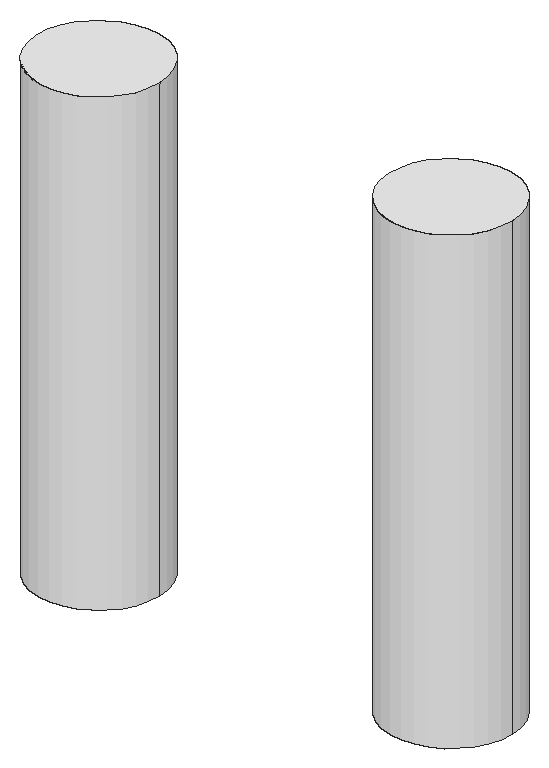
Revit family "5148229300676(2020)", category Plumbing Fixtures, Revit 2018
Family settings
  Round Connector Dimension = Use Diameter
  Part Type = Normal
  OmniClass Number = 23.45.55.00
  OmniClass Title = Sanitary Faucets, Wastes
  Work Plane-Based = No
  Always vertical = Yes
  Cut with Voids When Loaded = No
  Shared = No
  Room Calculation Point = No
Parameters (values of type "5148229300676 Kitchen faucet ")
  WorkingPressure = "50 - 1000 kPa"
  Working Pressure = "50 - 1000 kPa"
  WarrantyStartDate [instance] = "n/a"
  WarrantyGuarantorParts = "n/a"
  WarrantyGuarantorLabor = "n/a"
  WarrantyDurationUnit = "Year"
  WarrantyDurationParts = "n/a"
  WarrantyDurationLabor = "n/a"
  WarrantyDescription = "http://warranty.hansa.com"
  Warranty Information URL = "http://warranty.hansa.com"
  VersionDate = "01/07/2022"
  Version = "3"  # constant formula
  ValvePattern = "n/a"
  ValveOperation = "n/a"
  ValveMechanism = "n/a"
  Uniclass2015Reference = "Pr_40_20_87_96"
  Uniclass2015Description = "Washbasin manual water supply sets"
  Uniclass2 = "Pr_40_30_96_96"
  URL REACH = "http://static.hansa.com/doc/reach"
  URL Declaration of Conformity = "http://static.hansa.com/DoC/5148229300676"
  URL = ""
  UNSPSC Class Number = "30181700 Faucets or taps"
  Type Comments = ""
  TestPressure = "n/a"
  Temperature Adjustments = "Limitation option for maximum temperature and flow-rate ;Energy saving variation - cold water in the middle position;Adjustable hot water stop (included, retrofittable)"
  Temperature = "Temperature limiter;Temperature limiter (retrofittable)"
  Technical DataSheet URL = "http://www.hansa.com/datasheet/5148229300676/en"
  TagNumber [instance] = "n/a"
  SustainabilityPerformance = "n/a"
  Surface treatment = "Chrome"
  Spout Type = "Swivel spout;Swivel range limiting option"
  Spout Swivel Range = "120° (80° / 40°)"
  Spout Projection = "215 mm"
  Spare-Part Information URL = "http://static.hansa.com/sp/5148229300676"
  Size = "51x255x168 mm"
  Shape = "Sculptured"
  SerialNumber [instance] = "n/a"
  Sales Package dimensions (LxWxH) = "362 x 278 x 63"
  Revision = "3"  # constant formula
  ReplacementCost = "n/a"
  ProductInformation = "n/a"
  Product URL = "http://static.hansa.com/5148229300676"
  Product Image URL = "http://static.hansa.com/image/5148229300676"
  Product Family = "HANSAPOLO "
  Product Code = "5148229300676"
  OperatingMechanismMaterial = "n/a"
  NominalWidth = 51 mm
  NominalHeight = 168 mm
  NominalDepth = 255 mm
  Noise Class = "I (ISO 3822)"
  Name_en = "5148229300676 Kitchen faucet"
  Name = "5148229300676 Kitchen faucet"
  NBSReference = "45-35-70/371"
  NBSDescription = "Water supply fittings for wash basins and troughs"
  Mounting Holes = "1 hole"
  ModelReference = "5148229300676"
  ModelNumber = "n/a"
  Model = "5148229300676 Kitchen faucet"
  Mobile Product Information URL = "http://mpi.hansa.com/5148229300676"
  Mechanical Parts = "ø 35 mm ceramic cartridge for flow and temperature control"
  Max. Hot Water Supply = 70 °C
  Material = "Brass"
  Market = "Belgium;Czech Republic;Spain;France;International;Italy;Netherlands;Slovakia"
  ManufacturerURL = "http://www.hansa.com"
  ManufacturerName = "HANSA"
  Manufacturer = "HANSA"
  Lever Handle = "Hot/Cold symbols;Single operating lever/handle"
  Interactive AR View URL = "https://static.hansa.com/AR/5148229300676"
  InstallationDate [instance] = "n/a"
  Installation and Maintenance Guide URL = "http://static.hansa.com/manual/5148229300676"
  Installation Type = "Deck mounted"
  InletConnectionSize = 8 mm
  IfcExportType = "FAUCET"  # constant formula
  IfcExportAs = "IfcValveType"  # constant formula
  Group = "Kitchen faucet"
  Grade = "n/a"
  FlowCoefficient = 0
  Flow Rate At 300kPa = 0.2 L/s
  Flow Drawing URL = "http://static.hansa.com/flowchart/5148229300676"
  Finish = "Polished"
  Features = "Single-lever"
  FaucetMainMaterial = Brass
  FDV Document URL = "http://www.hansa.com/datasheet/5148229300676/en/fdv"
  ExpectedLife = "n/a"
  Eco Flow At 300kPa = 0.08 L/s
  ETIM Class Number = "EC011431 Kitchen mixing tap"
  EN Standard = "EN 817"
  EAN Number = "4057304002885"
  DurationUnit = "Year"
  Dimension Drawing URL = "http://static.hansa.com/dimdrw/5148229300676"
  Description = ""
  DefaultElevation [instance] = 900 mm
  Constituents = "n/a"
  Connection Size = "G3/8"
  Connection = "Flexible inlet pipes"
  Color = "Chrome"
  CodePerformance = "n/a"
  CloseOffRating = 0
  Category = "Kitchen"
  Catalog Drawing URL = "http://static.hansa.com/catdrw/5148229300676"
  Brand = "HANSA"
  BodyMaterial = "Brass"
  Barcode [instance] = "n/a"
  Backflow Prevention EN1717 = "AA"
  BIMObjectName = "5148229300676(2020)"
  Author = "BIMStone"
  AssetType = "Fixed"
  AssetIdentifier [instance] = "n/a"
  Aerator = "Standard aerator"
  Advanced Features = "Inner body made of DZR brass;Rapid installation system"
  Additional Features = "according to NF077, C3 classified"
  AccessibilityPerformance = "n/a"
  3D View = "https://static.hansa.com/3D/5148229300676"
  2D/3D/BIM Files URL = "http://static.hansa.com/bim/5148229300676"
Reference planes
  plane 1 "Center (Front/Back)": y = 0
  plane 2: z = 0
  plane 3 "Center (Left/Right)": x = 0
  plane 4: x = -25.5
  plane 5: z = 1068
  plane 6: z = 900
  plane 7: z = 870
  plane 8: y = -255
  plane 9: x = 25.5
Forms (mm)
  Extrusion 1, solid, material "Brass" <- "FaucetMainMaterial"
    sketch origin (0, -3, 0) x (1, 0, 0) y (0, 1, 0)
      loop
        circle (-11.5, -22.5) r 4
      loop
        circle (11.5, -22.5) r 4
    from 870 to 900
  Extrusion 2, solid, material "Brass" <- "FaucetMainMaterial", detail levels medium
    sketch origin (0, 0, 0) x (0, 1, 0) y (0, 0, 1)
      loop
        line (0, 900) -> (0, 1058.08) -> (-61.322, 1065.36) -> (-111.697, 1068)
        arc (-111.697, 1068) -> (-112.791, 1067.626) -> (-113.167, 1066.532) r 1.316
        line (-113.167, 1066.532) -> (-112.909, 1064.448)
        arc (-112.909, 1064.448) -> (-111.629, 1061.855) -> (-109.013, 1060.622) r 4.388
        line (-109.013, 1060.622) -> (-51, 1054.525) -> (-51, 993.034)
        arc (-51, 993.034) -> (-52.761, 993.574) -> (-54.465, 994.275) r 19.937
        line (-54.465, 994.275) -> (-135.431, 1032.03)
        arc (-135.431, 1032.03) -> (-162.315, 1042.283) -> (-190.393, 1048.572) r 200
        line (-190.393, 1048.572) -> (-248.818, 1057.304)
        arc (-248.818, 1057.304) -> (-251.086, 1056.882) -> (-252.314, 1054.93) r 2.875
        line (-252.314, 1054.93) -> (-255, 1037.009) -> (-252.234, 1036.594) -> (-252.899, 1032.154) -> (-229.163, 1028.596) -> (-228.347, 1034.037) -> (-193.277, 1028.781)
        arc (-193.277, 1028.781) -> (-168.045, 1023.121) -> (-143.883, 1013.904) r 180
        line (-143.883, 1013.904) -> (-51, 970.592) -> (-51, 900) -> (0, 900)
    from 25.5 to -25.5
  Extrusion 3, solid, material "Brass", detail levels coarse
    sketch origin (0, 0, 0) x (1, 0, 0) y (0, 1, 0)
      loop
        line (-25.5, 0) -> (-25.5, -255) -> (25.5, -255) -> (25.5, 0) -> (-25.5, 0)
    from 900 to 1068
Lines and regions (mm)
  symbolic lines, detail levels medium+fine
    curve 1: line (0, 0, 900) -> (0, -51, 900)
    curve 2: line (0, -51, 900) -> (0, -51, 947.5)
    curve 3: line (0, -50.702, 970.453) -> (0, -143.883, 1013.904)
    curve 4: arc (0, -143.883, 1013.904) -> (0, -168.045, 1023.121) -> (0, -193.277, 1028.781) r 180
    curve 5: line (0, -193.277, 1028.781) -> (0, -225.171, 1033.561)
    curve 6: line (0, -229.163, 1028.596) -> (0, -228.497, 1033.037)
    curve 7: line (0, -252.234, 1036.594) -> (0, -252.899, 1032.154)
    curve 8: line (0, -252.899, 1032.154) -> (0, -229.163, 1028.596)
    curve 10: line (0, -225.321, 1032.561) -> (0, -225.171, 1033.561)
    curve 11: line (0, -252.234, 1036.594) -> (0, -255, 1037.009)
    curve 12: line (0, -255, 1037.009) -> (0, -252.314, 1054.93)
    curve 13: arc (0, -252.314, 1054.93) -> (0, -251.086, 1056.882) -> (0, -248.818, 1057.304) r 2.875
    curve 14: line (0, -248.818, 1057.304) -> (0, -190.393, 1048.572)
    curve 15: arc (0, -190.393, 1048.572) -> (0, -162.315, 1042.283) -> (0, -135.431, 1032.03) r 200
    curve 16: line (0, -135.431, 1032.03) -> (0, -54.465, 994.275)
    curve 17: arc (0, -54.465, 994.275) -> (0, -52.475, 993.474) -> (0, -50.41, 992.892) r 19.937
    curve 18: line (0, -50.007, 1023.96) -> (0, -50.41, 992.892)
    curve 19: line (0, -50.702, 970.453) -> (0, -51, 947.5)
    curve 20: line (0, 0, 900) -> (0, 0, 947.5)
    curve 21: line (0, -0.993, 1023.96) -> (0, 0, 947.5)
    curve 23: line (0, -228.497, 1033.037) -> (0, -225.321, 1032.561)
    curve 24: line (0, -0.993, 1023.96) -> (0, -2.721, 1023.96)
    curve 25: line (0, -49.846, 1026.8) -> (0, -48.006, 1026.8)
    curve 27: line (0, -48.304, 1023.96) -> (0, -48.006, 1026.8)
    curve 28: arc (0, -6.504, 1035.604) -> (0, -3.769, 1030.056) -> (0, -2.721, 1023.96) r 21.584
    curve 29: line (0, -49.846, 1026.8) -> (0, -48.267, 1049.382)
    curve 30: arc (0, -48.267, 1049.382) -> (0, -49.483, 1053.016) -> (0, -52.912, 1054.725) r 5.006
    curve 31: line (0, -52.912, 1054.725) -> (0, -109.013, 1060.622)
    curve 32: arc (0, -109.013, 1060.622) -> (0, -111.629, 1061.855) -> (0, -112.909, 1064.448) r 4.388
    curve 33: line (0, -112.909, 1064.448) -> (0, -113.167, 1066.532)
    curve 34: arc (0, -113.167, 1066.532) -> (0, -112.791, 1067.626) -> (0, -111.697, 1068) r 1.316
    curve 35: line (0, -111.697, 1068) -> (0, -61.322, 1065.36)
    curve 36: line (0, -61.322, 1065.36) -> (0, -4.446, 1058.607)
    curve 37: arc (0, -4.446, 1058.607) -> (0, -3.316, 1057.974) -> (0, -2.965, 1056.728) r 1.691
    curve 38: line (0, -2.965, 1056.728) -> (0, -1.647, 1037.869)
    curve 39: line (0, -6.504, 1035.604) -> (0, -1.647, 1037.869)
    curve 41: line (0, -48.304, 1023.96) -> (0, -50.007, 1023.96)
    curve 43: line (25.5, 0, 900) -> (-25.5, 0, 900)
    curve 44: line (-25.5, 0, 900) -> (-25.5, 0, 947.56)
    curve 45: line (-25.5, 0, 947.56) -> (-24.495, 0, 1023.96)
    curve 46: line (-24.362, 0, 1026.797) -> (-22.506, 0, 1026.797)
    curve 47: line (-24.495, 0, 1023.96) -> (-22.754, 0, 1023.96)
    curve 48: line (-24.362, 0, 1026.797) -> (-21.794, 0, 1058.814)
    curve 49: arc (-21.794, 0, 1058.814) -> (-21.406, 0, 1059.899) -> (-20.524, 0, 1060.641) r 2.211
    curve 50: arc (-20.524, 0, 1060.641) -> (-18.448, 0, 1061.525) -> (-16.319, 0, 1062.269) r 33.994
    curve 51: arc (-16.319, 0, 1062.269) -> (-15.779, 0, 1062.579) -> (-15.419, 0, 1063.089) r 1.442
    curve 52: arc (-15.419, 0, 1063.089) -> (-13.815, 0, 1065.638) -> (-11.468, 0, 1067.527) r 9.139
    curve 53: arc (-11.468, 0, 1067.527) -> (-10.657, 0, 1067.864) -> (-9.789, 0, 1068) r 3.707
    curve 54: line (-9.789, 0, 1068) -> (0, 0, 1068)
    curve 55: line (-22.506, 0, 1026.797) -> (-22.754, 0, 1023.96)
    curve 59: line (25.5, 0, 900) -> (25.5, 0, 947.56)
    curve 60: line (25.5, 0, 947.56) -> (24.495, 0, 1023.96)
    curve 61: line (24.362, 0, 1026.797) -> (22.506, 0, 1026.797)
    curve 62: line (24.495, 0, 1023.96) -> (22.754, 0, 1023.96)
    curve 63: line (24.362, 0, 1026.797) -> (21.794, 0, 1058.814)
    curve 64: arc (21.794, 0, 1058.814) -> (21.406, 0, 1059.899) -> (20.524, 0, 1060.641) r 2.211
    curve 65: arc (20.524, 0, 1060.641) -> (18.448, 0, 1061.525) -> (16.319, 0, 1062.269) r 33.994
    curve 66: arc (16.319, 0, 1062.269) -> (15.779, 0, 1062.579) -> (15.419, 0, 1063.089) r 1.442
    curve 67: arc (15.419, 0, 1063.089) -> (13.815, 0, 1065.638) -> (11.468, 0, 1067.527) r 9.139
    curve 68: arc (11.468, 0, 1067.527) -> (10.657, 0, 1067.864) -> (9.789, 0, 1068) r 3.707
    curve 69: line (9.789, 0, 1068) -> (0, 0, 1068)
    curve 70: line (22.506, 0, 1026.797) -> (22.754, 0, 1023.96)
    curve 83: line (-15, -239.534, 0) -> (-15, -59.645, 0)
    curve 84: line (15, -239.534, 0) -> (15, -59.645, 0)
    curve 85: spline (-15, -239.534, 0) -> (-14.489, -243.537, 0) -> (-12.99, -247.267, 0) -> (-10.607, -250.47, 0) -> (-7.5, -252.928, 0) -> (-3.882, -254.473, 0) -> (0, -255, 0) -> (3.882, -254.473, 0) -> (7.5, -252.928, 0) -> (10.607, -250.47, 0) -> (12.99, -247.267, 0) -> (14.489, -243.537, 0) -> (15, -239.534, 0)
    curve 91: arc (-15.824, -46.935, 0) -> (-15.892, -46.144, 0) -> (-15.994, -45.357, 0) r 18.815
    curve 95: arc (15.832, -46.938, 0) -> (15.9, -46.152, 0) -> (16.001, -45.369, 0) r 18.811
    curve 96: line (-15, -59.645, 0) -> (-15.824, -46.935, 0)
    curve 97: line (15, -59.645, 0) -> (15.832, -46.938, 0)
    curve 98: arc (16.001, -45.369, 0) -> (0.021, -0.018, 0) -> (-15.994, -45.357, 0) r 25.494
  symbolic lines, detail levels fine
    curve 9: line (0, -252.234, 1036.594) -> (0, -228.497, 1033.037)
    curve 22: line (0, 0, 947.5) -> (0, -51, 947.5)
    curve 26: line (0, -25.383, 1026.8) -> (0, -6.504, 1035.604)
    curve 40: line (0, -48.006, 1026.8) -> (0, -25.383, 1026.8)
    curve 42: line (0, -2.721, 1023.96) -> (0, -48.304, 1023.96)
    curve 56: line (-15, 0, 970.474) -> (-15, 0, 1054.085)
    curve 57: line (-22.506, 0, 1026.797) -> (-15, 0, 1026.797)
    curve 58: line (-22.754, 0, 1023.96) -> (-15, 0, 1023.96)
    curve 71: line (22.506, 0, 1026.797) -> (15, 0, 1026.797)
    curve 72: line (22.754, 0, 1023.96) -> (15, 0, 1023.96)
    curve 73: line (-25.5, 0, 947.56) -> (25.5, 0, 947.56)
    curve 74: spline (-15, 0, 1054.085) -> (-14.489, 0, 1054.949) -> (-12.99, 0, 1055.755) -> (-10.607, 0, 1056.447) -> (-7.5, 0, 1056.978) -> (-3.882, 0, 1057.312) -> (0, 0, 1057.426) -> (3.882, 0, 1057.312) -> (7.5, 0, 1056.978) -> (10.607, 0, 1056.447) -> (12.99, 0, 1055.755) -> (14.489, 0, 1054.949) -> (15, 0, 1054.085)
    curve 75: arc (-13.012, 0, 968.978) -> (-14.379, 0, 969.231) -> (-15, 0, 970.474) r 1.557
    curve 76: arc (13.012, 0, 968.978) -> (14.379, 0, 969.231) -> (15, 0, 970.474) r 1.557
    curve 77: arc (-13.012, 0, 968.978) -> (0, 0, 970.816) -> (13.012, 0, 968.978) r 47.003
    curve 78: spline (11.961, 0, 1030.3) -> (11.554, 0, 1029.845) -> (10.359, 0, 1029.421) -> (8.458, 0, 1029.058) -> (5.981, 0, 1028.778) -> (3.096, 0, 1028.603) -> (0, 0, 1028.543) -> (-3.096, 0, 1028.603) -> (-5.981, 0, 1028.778) -> (-8.458, 0, 1029.058) -> (-10.359, 0, 1029.421) -> (-11.554, 0, 1029.845) -> (-11.961, 0, 1030.3) -> (-11.554, 0, 1030.754) -> (-10.359, 0, 1031.178) -> (-8.458, 0, 1031.542) -> (-5.981, 0, 1031.821) -> (-3.096, 0, 1031.997) -> (0, 0, 1032.056) -> (3.096, 0, 1031.997) -> (5.981, 0, 1031.821) -> (8.458, 0, 1031.542) -> (10.359, 0, 1031.178) -> (11.554, 0, 1030.754) -> (11.961, 0, 1030.3)
    curve 79: spline (-11.961, 0, 1034.779) -> (-11.554, 0, 1035.234) -> (-10.359, 0, 1035.658) -> (-8.458, 0, 1036.021) -> (-5.981, 0, 1036.301) -> (-3.096, 0, 1036.476) -> (0, 0, 1036.536) -> (3.096, 0, 1036.476) -> (5.981, 0, 1036.301) -> (8.458, 0, 1036.021) -> (10.359, 0, 1035.658) -> (11.554, 0, 1035.234) -> (11.961, 0, 1034.779)
    curve 80: line (-11.961, 0, 1030.3) -> (-11.961, 0, 1034.779)
    curve 81: line (11.961, 0, 1034.779) -> (11.961, 0, 1030.3)
    curve 82: spline (11.961, 0, 1033.769) -> (14.424, 0, 1034.526) -> (14.937, 0, 1035.369) -> (13.431, 0, 1036.183) -> (10.109, 0, 1036.859) -> (5.421, 0, 1037.304) -> (0, 0, 1037.46) -> (-5.421, 0, 1037.304) -> (-10.109, 0, 1036.859) -> (-13.431, 0, 1036.183) -> (-14.937, 0, 1035.369) -> (-14.424, 0, 1034.526) -> (-11.961, 0, 1033.769)
    curve 86: spline (-15, -239.534, 0) -> (-14.489, -242.782, 0) -> (-12.99, -245.808, 0) -> (-10.607, -248.407, 0) -> (-7.5, -250.401, 0) -> (-3.882, -251.655, 0) -> (0, -252.082, 0) -> (3.882, -251.655, 0) -> (7.5, -250.401, 0) -> (10.607, -248.407, 0) -> (12.99, -245.808, 0) -> (14.489, -242.782, 0) -> (15, -239.534, 0)
    curve 87: arc (19.099, -37.489, 0) -> (0, -2.95, 0) -> (-19.099, -37.489, 0) r 22.55
    curve 88: line (0, -113.165, 0) -> (-6.461, -113.165, 0)
    curve 89: arc (-6.461, -113.165, 0) -> (-10.086, -111.77, 0) -> (-11.84, -108.304, 0) r 5.407
    curve 90: line (-11.84, -108.304, 0) -> (-15, -59.645, 0)
    curve 92: line (0, -113.165, 0) -> (6.461, -113.165, 0)
    curve 93: arc (6.461, -113.165, 0) -> (10.086, -111.77, 0) -> (11.84, -108.304, 0) r 5.407
    curve 94: line (11.84, -108.304, 0) -> (15, -59.645, 0)
    curve 99: arc (-19.099, -37.489, 0) -> (-17.182, -41.279, 0) -> (-15.994, -45.357, 0) r 23.03
    curve 100: arc (19.099, -37.489, 0) -> (17.182, -41.279, 0) -> (15.994, -45.357, 0) r 23.03
    curve 101: line (15, 0, 970.474) -> (15, 0, 1054.085)
    curve 102: line (-15.779, 0, 1062.579) -> (-15.779, 0, 1058.287)
    curve 103: arc (-15.779, 0, 1058.287) -> (-15.347, 0, 1056.539) -> (-14.151, 0, 1055.193) r 3.756
    curve 104: line (15.779, 0, 1062.579) -> (15.779, 0, 1058.287)
    curve 105: arc (15.779, 0, 1058.287) -> (15.347, 0, 1056.539) -> (14.151, 0, 1055.193) r 3.756
Dimensions and locks
  "NominalHeight": plane 5 to plane 6
  "DefaultElevation": plane 6 to level
  locked: plane 6 to plane 7 at 30
  "NominalDepth": plane 8 to plane 1 "Center (Front/Back)"
  equal spacing: plane 4, plane 3 "Center (Left/Right)", plane 9
  "NominalWidth": plane 4 to plane 9
  "InletConnectionSize": diameter of Extrusion 1 sketch curve  (x2)
  aligned and locked: level to plane 2
  aligned and locked: plane 6 to Extrusion 1
  aligned and locked: Extrusion 1 to plane 7
  aligned and locked: plane 5 to Extrusion 3
  aligned and locked: Extrusion 3 to plane 6
  aligned and locked: plane 6 to import instance
Automatic sketch dimensions
  curve 88 to plane 3 "Center (Left/Right)" = 0 mm
  curve 85 to plane 3 "Center (Left/Right)" = 0 mm
  curve 87 to plane 3 "Center (Left/Right)" = 0 mm
  curve 89 to plane 3 "Center (Left/Right)" = 6.461 mm
  curve 90 to curve 89 = 5.379 mm
  plane 4 to curve 90 = 10.5 mm
  plane 4 to curve 96 = 9.676 mm
  curve 91 to plane 4 = 9.1 mm
  curve 99 to curve 91 = 4.004 mm
  plane 3 "Center (Left/Right)" to curve 98 = 0.011 mm
  plane 3 "Center (Left/Right)" to curve 93 = 6.461 mm
  curve 93 to curve 94 = 5.379 mm
  plane 9 to curve 97 = 9.668 mm
  curve 95 to plane 9 = 9.103 mm
  curve 95 to curve 100 = 4 mm
  curve 83 to plane 8 = 15.466 mm
  curve 89 to curve 90 = 4.861 mm
  curve 92 to curve 94 = 4.861 mm
  curve 89 to curve 96 = 48.659 mm
  curve 83 to curve 94 = 0 mm
  curve 83 to curve 99 = 9.911 mm
  curve 84 to curve 100 = 9.911 mm
  curve 100 to curve 95 = 1.574 mm
  curve 99 to curve 91 = 1.58 mm
  curve 84 to curve 97 = 12.706 mm
  plane 1 "Center (Front/Back)" to curve 98 = 25.512 mm
  curve 98 to curve 87 = 0.012 mm
  curve 98 to curve 96 = 0.17 mm
  curve 87 to curve 99 = 0 mm
  curve 100 to curve 95 = 0.007 mm
  plane 9 to curve 100 = 6.401 mm
  curve 87 to curve 100 = 0 mm
  curve 95 to curve 100 = 0.012 mm
  Extrusion 3 sketch curve to plane 4 = 0 mm
  plane 8 to Extrusion 3 sketch curve = 0 mm
  Extrusion 3 sketch curve to plane 9 = 0 mm
  plane 1 "Center (Front/Back)" to Extrusion 3 sketch curve = 0 mm
  curve 11 to plane 8 = 0 mm
  curve 34 to plane 5 = 0 mm
  curve 1 to plane 6 = 0 mm
  curve 20 to plane 1 "Center (Front/Back)" = 0 mm
  curve 8 to plane 8 = 2.101 mm
  curve 12 to plane 8 = 2.686 mm
  curve 7 to plane 8 = 2.766 mm
  curve 13 to curve 13 = 2.844 mm
  curve 13 to curve 14 = 0.652 mm
  curve 7 to curve 8 = 23.737 mm
  curve 6 to curve 23 = 3.177 mm
  curve 10 to curve 10 = 0.15 mm
  curve 4 to plane 8 = 35.045 mm
  curve 4 to curve 15 = 0 mm
  curve 5 to curve 5 = 31.894 mm
  curve 14 to plane 5 = 19.428 mm
  curve 5 to curve 14 = 2.884 mm
  curve 3 to plane 5 = 54.096 mm
  curve 4 to curve 3 = 49.394 mm
  curve 16 to plane 5 = 35.97 mm
  curve 4 to curve 16 = 8.452 mm
  curve 33 to plane 5 = 1.468 mm
  curve 15 to curve 33 = 22.264 mm
  curve 33 to plane 5 = 3.552 mm
  curve 33 to curve 33 = 0.258 mm
  curve 34 to plane 5 = 1.306 mm
  curve 33 to curve 34 = 1.306 mm
  curve 31 to plane 5 = 7.378 mm
  curve 32 to curve 31 = 3.897 mm
  curve 32 to plane 5 = 3.014 mm
  curve 36 to plane 5 = 2.64 mm
  curve 32 to curve 36 = 47.232 mm
  plane 1 "Center (Front/Back)" to curve 16 = 54.465 mm
  curve 35 to curve 30 = 8.061 mm
  curve 31 to plane 5 = 13.275 mm
  curve 30 to curve 31 = 0.349 mm
  curve 17 to curve 22 = 3.465 mm
  curve 2 to curve 19 = 0.298 mm
  curve 16 to curve 18 = 4.054 mm
  curve 30 to curve 41 = 3.254 mm
  curve 18 to curve 25 = 0.161 mm
  curve 18 to curve 42 = 1.703 mm
  curve 29 to plane 5 = 18.618 mm
  curve 30 to curve 29 = 4.994 mm
  curve 25 to curve 25 = 1.841 mm
  curve 27 to curve 17 = 2.265 mm
  curve 25 to curve 26 = 22.622 mm
  curve 26 to curve 28 = 1.086 mm
  plane 1 "Center (Front/Back)" to curve 39 = 6.504 mm
  plane 1 "Center (Front/Back)" to curve 37 = 4.645 mm
  curve 37 to curve 36 = 0.199 mm
  curve 37 to curve 38 = 1.68 mm
  plane 1 "Center (Front/Back)" to curve 24 = 2.721 mm
  plane 1 "Center (Front/Back)" to curve 39 = 1.647 mm
  plane 1 "Center (Front/Back)" to curve 21 = 0.993 mm
  curve 15 to curve 4 = 0 mm
  plane 6 to curve 22 = 47.5 mm
  curve 2 to curve 3 = 22.953 mm
  curve 3 to curve 18 = 22.439 mm
  curve 17 to curve 16 = 1.383 mm
  curve 17 to curve 28 = 11.042 mm
  curve 17 to curve 27 = 11.616 mm
  curve 28 to curve 26 = 3.414 mm
  curve 8 to curve 5 = 0.185 mm
  curve 26 to curve 39 = 2.265 mm
  curve 13 to curve 13 = 0.426 mm
  curve 38 to plane 5 = 11.272 mm
  curve 38 to curve 37 = 0.199 mm
  curve 43 to plane 4 = 0 mm
  curve 54 to plane 5 = 0 mm
  curve 54 to plane 3 "Center (Left/Right)" = 0 mm
  curve 79 to plane 3 "Center (Left/Right)" = 0 mm
  curve 74 to plane 3 "Center (Left/Right)" = 0 mm
  curve 77 to plane 3 "Center (Left/Right)" = 0 mm
  curve 82 to plane 3 "Center (Left/Right)" = 0 mm
  plane 9 to curve 73 = 0 mm
  curve 43 to plane 6 = 0 mm
  plane 4 to curve 45 = 1.005 mm
  plane 4 to curve 46 = 1.138 mm
  curve 45 to curve 47 = 1.74 mm
  curve 46 to curve 57 = 1.856 mm
  plane 4 to curve 48 = 3.706 mm
  curve 49 to curve 49 = 2.203 mm
  curve 49 to curve 51 = 2.841 mm
  curve 49 to curve 102 = 3.812 mm
  plane 4 to curve 56 = 10.5 mm
  curve 56 to curve 75 = 1.557 mm
  curve 102 to curve 103 = 3.756 mm
  curve 57 to curve 80 = 3.039 mm
  curve 102 to curve 54 = 5.99 mm
  curve 53 to curve 53 = 0.137 mm
  curve 103 to curve 52 = 5.034 mm
  curve 80 to curve 50 = 5.785 mm
  curve 65 to curve 78 = 5.785 mm
  plane 3 "Center (Left/Right)" to curve 67 = 6.989 mm
  curve 67 to curve 68 = 2.662 mm
  curve 68 to curve 69 = 0.137 mm
  curve 105 to curve 101 = 2.977 mm
  curve 76 to curve 76 = 1.557 mm
  curve 105 to curve 104 = 3.756 mm
  curve 104 to curve 66 = 0.971 mm
  curve 104 to curve 64 = 3.812 mm
  curve 64 to curve 63 = 2.203 mm
  plane 9 to curve 61 = 2.994 mm
  plane 9 to curve 62 = 2.746 mm
  plane 9 to curve 61 = 1.138 mm
  plane 9 to curve 62 = 1.005 mm
  plane 6 to curve 77 = 23.813 mm
  curve 77 to curve 45 = 23.747 mm
  curve 59 to curve 76 = 22.914 mm
  curve 44 to curve 75 = 22.914 mm
  curve 47 to plane 5 = 44.04 mm
  curve 62 to curve 58 = 0 mm
  curve 47 to curve 57 = 2.837 mm
  curve 62 to curve 71 = 2.837 mm
  curve 71 to curve 65 = 3.026 mm
  curve 57 to curve 50 = 3.026 mm
  curve 65 to curve 81 = 4.956 mm
  curve 101 to plane 5 = 13.915 mm
  curve 101 to curve 105 = 4.203 mm
  curve 74 to curve 103 = 4.203 mm
  curve 102 to curve 49 = 0.35 mm
  curve 104 to curve 64 = 0.35 mm
  curve 64 to curve 63 = 0.177 mm
  curve 49 to curve 48 = 0.177 mm
  curve 105 to curve 67 = 1.274 mm
  curve 103 to curve 52 = 1.274 mm
  curve 66 to plane 5 = 4.355 mm
  curve 51 to plane 5 = 4.355 mm
  curve 53 to plane 5 = 3.705 mm
  curve 68 to plane 5 = 3.705 mm
  curve 50 to curve 49 = 0 mm
  curve 51 to curve 50 = 0 mm
  curve 52 to curve 51 = 0 mm
  curve 74 to curve 103 = 0.849 mm
  curve 77 to curve 75 = 0 mm
  curve 67 to curve 68 = 0 mm
  curve 79 to curve 82 = 3.039 mm
  curve 66 to curve 67 = 0 mm
  curve 65 to curve 66 = 0 mm
  curve 81 to curve 79 = 4.48 mm
  curve 80 to curve 79 = 4.48 mm
  curve 78 to curve 79 = 4.48 mm
  curve 82 to curve 79 = 1.01 mm
  curve 79 to curve 82 = 0.379 mm
  Extrusion 2 sketch curve to plane 8 = 0 mm
  Extrusion 2 sketch curve to plane 5 = 0 mm
  Extrusion 2 sketch curve to plane 6 = 0 mm
  Extrusion 2 sketch curve to plane 1 "Center (Front/Back)" = 0 mm
  Extrusion 2 sketch curve to plane 8 = 2.101 mm
  Extrusion 2 sketch curve to plane 8 = 2.686 mm
  Extrusion 2 sketch curve to plane 8 = 2.766 mm
  Extrusion 2 sketch curve to Extrusion 2 sketch curve = 2.844 mm
  Extrusion 2 sketch curve to Extrusion 2 sketch curve = 0.652 mm
  Extrusion 2 sketch curve to Extrusion 2 sketch curve = 23.737 mm
  Extrusion 2 sketch curve to Extrusion 2 sketch curve = 0.815 mm
  Extrusion 2 sketch curve to plane 8 = 35.045 mm
  Extrusion 2 sketch curve to Extrusion 2 sketch curve = 0 mm  (x2)
  Extrusion 2 sketch curve to Extrusion 2 sketch curve = 35.07 mm
  Extrusion 2 sketch curve to plane 5 = 19.428 mm
  Extrusion 2 sketch curve to Extrusion 2 sketch curve = 2.884 mm
  Extrusion 2 sketch curve to plane 5 = 54.096 mm
  Extrusion 2 sketch curve to Extrusion 2 sketch curve = 49.394 mm
  Extrusion 2 sketch curve to plane 5 = 35.97 mm
  Extrusion 2 sketch curve to Extrusion 2 sketch curve = 8.452 mm
  Extrusion 2 sketch curve to plane 5 = 1.468 mm
  Extrusion 2 sketch curve to Extrusion 2 sketch curve = 22.264 mm
  Extrusion 2 sketch curve to plane 5 = 3.552 mm
  Extrusion 2 sketch curve to Extrusion 2 sketch curve = 0.258 mm
  Extrusion 2 sketch curve to Extrusion 2 sketch curve = 1.306 mm
  Extrusion 2 sketch curve to Extrusion 2 sketch curve = 0.164 mm
  Extrusion 2 sketch curve to plane 5 = 7.378 mm
  Extrusion 2 sketch curve to Extrusion 2 sketch curve = 3.897 mm
  Extrusion 2 sketch curve to plane 5 = 3.014 mm
  Extrusion 2 sketch curve to plane 5 = 2.64 mm
  Extrusion 2 sketch curve to Extrusion 2 sketch curve = 47.232 mm
  plane 1 "Center (Front/Back)" to Extrusion 2 sketch curve = 54.465 mm
  plane 1 "Center (Front/Back)" to Extrusion 2 sketch curve = 51 mm
  Extrusion 2 sketch curve to Extrusion 2 sketch curve = 10.322 mm
  Extrusion 2 sketch curve to Extrusion 2 sketch curve = 8.426 mm
  Extrusion 2 sketch curve to Extrusion 2 sketch curve = 70.592 mm
  Extrusion 2 sketch curve to Extrusion 2 sketch curve = 22.442 mm
  Extrusion 2 sketch curve to Extrusion 2 sketch curve = 1.241 mm
  Extrusion 2 sketch curve to Extrusion 2 sketch curve = 0.185 mm
  Extrusion 2 sketch curve to Extrusion 2 sketch curve = 0.426 mm
  Extrusion 2 sketch curve to plane 5 = 13.475 mm
  Extrusion 2 sketch curve to plane 5 = 9.92 mm
  Extrusion 1 sketch curve to plane 3 "Center (Left/Right)" = 11.5 mm
  plane 3 "Center (Left/Right)" to Extrusion 1 sketch curve = 11.5 mm
  plane 1 "Center (Front/Back)" to Extrusion 1 sketch curve = 25.5 mm  (x2)
Nested families
  nested 1: "Symbol" at (0, 0, 0), type "Symbol", detail levels coarse
Connectors
  piping at (-11.5, -25.5, 870), diameter 8, driven by "InletConnectionSize"
    settings: on Extrusion 1, index 1, connector inside diameter 609.6 mm, connector length 0 mm, flow factor 0, pipe flow 0.2 L/s, pressure drop 0.0 Pa, fitting loss kfactor 0, connector angle 0.00°, fixture units 0, engagement length 0 mm, angle of deflection 0.00°, flow configuration 1, flow direction 1, fitting loss method 0, system type 19, joint type 0, gender type 0, connector reference index -1, connector utility 0, adjustable connector no, is connector primary yes, connector description ""
  piping at (11.5, -25.5, 870), diameter 8, driven by "InletConnectionSize"
    settings: on Extrusion 1, index 2, connector inside diameter 609.6 mm, connector length 0 mm, flow factor 0, pipe flow 0.2 L/s, pressure drop 0.0 Pa, fitting loss kfactor 0, connector angle 0.00°, fixture units 0, engagement length 0 mm, angle of deflection 0.00°, flow configuration 1, flow direction 1, fitting loss method 0, system type 20, joint type 0, gender type 0, connector reference index -1, connector utility 0, adjustable connector no, is connector primary no, connector description ""
Definition of nested family "Symbol"
  Reference planes
    plane 1: y = 0
    plane 2: x = 0
  Lines and regions (mm)
    detail lines
      curve 1: line (0, 0, 0) -> (0, -1.8, 0)
      curve 2: line (-0.4, -1.1, 0) -> (0.4, -1.1, 0)
      curve 3: line (-0.4, -1.4, 0) -> (0.4, -1.4, 0)
      curve 4: line (0.863, 0, 0) -> (-0.863, 0, 0)
      curve 5: circle (-1.163, 0, 0) r 0.3 normal (0, 0, -1)
      curve 6: circle (1.163, 0, 0) r 0.3 normal (0, 0, 1)
